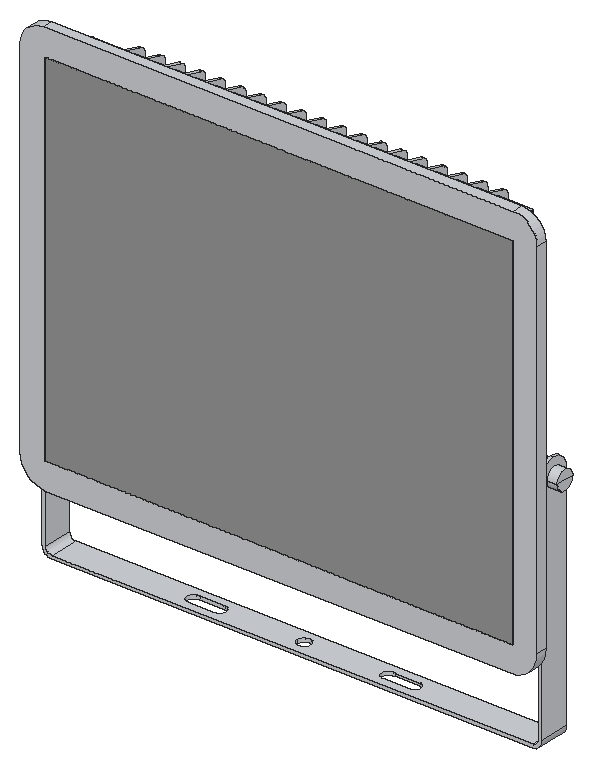
Revit family "0047111", category Lighting Fixtures, Revit 2017
Family settings
  Round Connector Dimension = Use Diameter
  Part Type = Normal
  OmniClass Number = 23.80.70.00
  OmniClass Title = Lighting
  Work Plane-Based = No
  Always vertical = Yes
  Cut with Voids When Loaded = No
  Light Source = Yes
  Shared = No
  Room Calculation Point = No
Parameters (values of type "0047111 SYLFLOOD IP65 7000LM 840 BLACK")
  Weight = "7.14 kg"
  Wattage = 63 W
  WarrantyStartDate [instance] = "n/a"
  WarrantyGuarantorParts = "n/a"
  WarrantyDurationUnit = "n/a"
  WarrantyDurationParts = "n/a"
  WarrantyDescription = "n/a"
  built-in parameter 1150110 = 1 (stored number, unit not read)
  Voltage = 0 V
  URL = "http://www.sylvania-lighting.com"
  TypeName = "SylFlood IP65 7000LM 840 Black"
  built-in parameter 1114217 = 1 (stored number, unit not read)
  Tilt Angle = 0.00°
  built-in parameter 1150109 = 1 (stored number, unit not read)
  built-in parameter 1150134 = 12
  built-in parameter 1150113 = 1 (stored number, unit not read)
  SerialNumber [instance] = "n/a"
  PowerFactor = 0.9
  PowerConsumption = "63 W"
  Photometric Web File = "0047111.ies"
  NominalWidth = 0 mm
  NominalLength = 195 mm
  NominalHeight = 33 mm
  Name = "SylFlood IP65 7000LM 840 Black"
  ModelReference = "SylFlood IP65 7000LM 840 Black"
  ModelNumber = "0047111"
  Model = "SylFlood IP65 7000LM 840 Black"
  Material_4_FEILO = none
  Material_3_FEILO = none
  Material_2_FEILO = Default New Material
  Material_1_FEILO = none
  Material = "n/a"
  ManufacturerName = "Feilo Sylvania"
  Manufacturer = "Feilo Sylvania"
  LuminousEfficacy = "111 lm/W"
  Lumens = 6993 lm
  LuminaireType = ""
  built-in parameter 1150115 = 1 (stored number, unit not read)
  built-in parameter 1150105 = -17637045.3 (stored number, unit not read)
  LightOutputRatio = "n/a"
  built-in parameter 1150137 = (empty or 0)
  built-in parameter 1150139 = (empty or 0)
  LampsType = "LED"
  LampNominalLuminous = "7000 lm"
  LampMacAdamStep = "5"
  LampColourTemperature = "4000 K"
  LampColourRenderingIndex = "80"
  built-in parameter 1150112 = 1 (stored number, unit not read)
  built-in parameter 1150114 = 1 (stored number, unit not read)
  Lamp = "LED"
  LUM_WIDTH_SYL = 121.5 mm  # constant formula
  LUM_HEIGHT_SYL = 97.5 mm  # constant formula
  LUM_EXTR_ST_SYL = -5 mm
  LUM_EXTR_END_SYL = 0 mm
  LUM_DEPTH_SYL = 33 mm
  Keynote = "16500"
  InstallationDate [instance] = "n/a"
  InputVoltage = "n/a"
  InputNominalFrequency = "n/a"
  built-in parameter 1150132 = 2
  built-in parameter 1150102 = (empty or 0)
  built-in parameter 1150138 = (empty or 0)
  built-in parameter 1150107 = 4000 (stored number, unit not read)
  IngressProtection = "IP65"
  ImpactProtectionIndex = "IK07"
  built-in parameter 1150106 = -176370.5 (stored number, unit not read)
  IfcExportType = "IfcLightFixtureType"
  IfcExportAs = "IfcLightFixtureType"
  ElectricShockClassification = "Class I"
  built-in parameter 1150104 = 10.312 (stored number, unit not read)
  DocumentationLiterature = "http://www.sylvania-lighting.com/product/en-int/products/0047111"
  DimmingControlOptions = "n/a"
  Dimming Lamp Color Temperature Shift = <None>
  DIF_WIDTH_SYL = 110 mm  # constant formula
  DIF_HEIGHT_SYL = 85 mm  # constant formula
  CreatedOn = "44168"
  CreatedBy = "@sylvania-lighting.com"
  Color Filter = 16777215
  ClassificationValue = "EF_70_80"
  ClassificationName = "Uniclass2015"
  CABLE_SIDE_DIST_SYL = 47 mm
  CABLE_LENGTH_SYL = 5 mm
  CABLE_FRONT_DIST_SYL = 17.5 mm
  CABLES_DIST_SYL = 160 mm
  BarCode [instance] = "n/a"
  built-in parameter 1114218 = 1 (stored number, unit not read)
  B_RAIL_R_DIST_SYL = 7 mm
  B_RAIL_HEIGHT_SYL = 27 mm
  B_RAIL_DEPTH_SYL = 44 mm
  B_RAIL_CHAMFER_SYL = 7 mm
  BRACKET_HOLDER_WIDTH_SYL = 12 mm
  BRACKET_HOLDER_HEIGHT_SYL = 17 mm
  BRACKET_HOLDER_DIST_SIDE_SYL = 2.8 mm
  BRACKET_HOLDER_DIST_BOTT_SYL = 73.5 mm
  BRACKET_HOLDER_DEPTH_SYL = 5.7 mm
  BOX_WIDTH_SYL = 104 mm
  BOX_TOP_DIST_SYL = 10.5 mm
  BOX_DEPTH_SYL = 14 mm
  BOX_BOTT_DIST_SYL = 28 mm
  BACK_RAIL_WIDTH_SYL = 1.4 mm
  BACK_RAIL_SIDE_DIST_SYL = 19 mm
  BACK_PL_EXTR_ST_SYL = -6 mm
  BACK_PL_EXTR_ST(-1)_SYL = BACK_PL_EXTR_ST_SYL * (-1)  # 6 mm
  BACK_PL_EXTR_END_SYL = -3 mm
  BACK_PL_EXTR_END(-1)_SYL = BACK_PL_EXTR_END_SYL * (-1)  # 3 mm
  built-in parameter 1150133 = 10 (stored number, unit not read)
  AssetType = "Fixed"
  AssetIdentifier [instance] = "n/a"
  Assembly Code = "D5020200"
  Apparent Load = 63 VA
  0_18W_SYL = yes
Types (4, lengths in mm): name | Wattage | TypeName | built-in parameter 1150134 | PowerConsumption | Photometric Web File | Name | ModelReference | ModelNumber | Model | LuminousEfficacy | Lumens | built-in parameter 1150105 | LampNominalLuminous | LampColourTemperature | built-in parameter 1150107 | built-in parameter 1150106 | built-in parameter 1150104 | DocumentationLiterature | Apparent Load
  0047113 SYLFLOOD IP65 10000LM 840 BLACK | 73 W | "SylFlood IP65 10000LM 840 Black" | 12 | "73 W" | "0047113.ies" | "SylFlood IP65 10000LM 840 Black" | "SylFlood IP65 10000LM 840 Black" | "0047113" | "SylFlood IP65 10000LM 840 Black" | "137 lm/W" | 10001 lm | -35673567 (stored number, unit not read) | "10000 lm" | "4000 K" | 4000 (stored number, unit not read) | -356735.7 (stored number, unit not read) | 12.728 (stored number, unit not read) | "http://www.sylvania-lighting.com/product/en-int/products/0047113" | 73 VA
  0047112 SYLFLOOD IP65 9300LM 830 BLACK | 73 W | "SylFlood IP65 9300LM 830 Black" | (empty or 0) | "73 W" | "0047112.ies" | "SylFlood IP65 9300LM 830 Black" | "SylFlood IP65 9300LM 830 Black" | "0047112" | "SylFlood IP65 9300LM 830 Black" | "127 lm/W" | 9271 lm | -30754781 (stored number, unit not read) | "9300 lm" | "3000 K" | 3000 (stored number, unit not read) | -307547.8 (stored number, unit not read) | 11.799 (stored number, unit not read) | "http://www.sylvania-lighting.com/product/en-int/products/0047112" | 73 VA
  0047111 SYLFLOOD IP65 7000LM 840 BLACK | 63 W | "SylFlood IP65 7000LM 840 Black" | 12 | "63 W" | "0047111.ies" | "SylFlood IP65 7000LM 840 Black" | "SylFlood IP65 7000LM 840 Black" | "0047111" | "SylFlood IP65 7000LM 840 Black" | "111 lm/W" | 6993 lm | -17637045.3 (stored number, unit not read) | "7000 lm" | "4000 K" | 4000 (stored number, unit not read) | -176370.5 (stored number, unit not read) | 10.312 (stored number, unit not read) | "http://www.sylvania-lighting.com/product/en-int/products/0047111" | 63 VA
  0047110 SYLFLOOD IP65 6500LM 830 BLACK | 63 W | "SylFlood IP65 6500LM 830 Black" | (empty or 0) | "63 W" | "0047110.ies" | "SylFlood IP65 6500LM 830 Black" | "SylFlood IP65 6500LM 830 Black" | "0047110" | "SylFlood IP65 6500LM 830 Black" | "103 lm/W" | 6489 lm | -15196913.6 (stored number, unit not read) | "6500 lm" | "3000 K" | 3000 (stored number, unit not read) | -151969.1 (stored number, unit not read) | 9.569 (stored number, unit not read) | "http://www.sylvania-lighting.com/product/en-int/products/0047110" | 63 VA
Reference planes
  plane 1 "Light Source Axis (F/B)": y = 0
  plane 2: z = 0
  plane 3 "Light Source Axis (L/R)": x = 0
  plane 4 "Light Source Elevation": z = -0.469
  plane 5: x = 121.5
  plane 6: x = -121.5
  plane 7: z = 97.5
  plane 8: z = -97.5
  plane 9: x = 110
  plane 10: x = -110
  plane 11: z = 85
  plane 12: z = -85
  plane 13: y = 6
  plane 14: y = 3
  plane 15: x = -104
  plane 16: x = 104
  plane 17: y = 20
  plane 18: z = 87
  plane 19: z = -69.5
  plane 20: y = 33
  plane 21: z = -24
  plane 22: z = -12
  plane 23: y = 21
  plane 24: x = 54.2
  plane 25: x = 39.5
  plane 26: x = 74.5
  plane 27: y = 14
  plane 28: z = -38
  plane 29: y = 27
  plane 30: z = -25.5
  plane 31: z = -32.5
  plane 32: x = 102.5
  plane 33: x = 101.1
  plane 34: x = 94.1
  plane 35: x = 20.8
  plane 36: x = 13.8
  plane 37: x = 12.4
  plane 38: x = 5.4
  plane 39: x = 4
  plane 40: z = -50.4
  plane 41: z = -76.1
  plane 42: x = 116
  plane 43: x = 110.3
  plane 44: x = -86
  plane 45: x = -84.6
Forms (mm)
  Extrusion 1, solid
    sketch origin (0, 0, 0) x (1, 0, 0) y (0, 0, 1)
      loop
        arc (-110.5, 97.5) -> (-118.278, 94.278) -> (-121.5, 86.5) r 11
        line (-121.5, 86.5) -> (-121.5, -85)
        arc (-121.5, -85) -> (-117.839, -93.839) -> (-109, -97.5) r 12.5
        line (-109, -97.5) -> (109, -97.5)
        arc (109, -97.5) -> (117.839, -93.839) -> (121.5, -85) r 12.5
        line (121.5, -85) -> (121.5, 86.5)
        arc (121.5, 86.5) -> (118.278, 94.278) -> (110.5, 97.5) r 11
        line (110.5, 97.5) -> (-110.5, 97.5)
      loop
        line (-110, 85) -> (-110, -85) -> (110, -85) -> (110, 85) -> (-110, 85)
    from -5 <- "LUM_EXTR_ST_SYL" to 0 <- "LUM_EXTR_END_SYL"
  Extrusion 2, solid, material "Default New Material" <- "Material_2_FEILO"
    sketch origin (0, 0, 0) x (1, 0, 0) y (0, 0, 1)
      loop
        line (-110, 85) -> (-110, -85) -> (110, -85) -> (110, 85) -> (-110, 85)
    from -3 <- "BACK_PL_EXTR_END_SYL" to 0 <- "LUM_EXTR_END_SYL"
  Extrusion 3, solid
    sketch origin (0, 0, 0) x (1, 0, 0) y (0, 0, 1)
      loop
        line (110, 85) -> (-110, 85) -> (-110, -85) -> (110, -85) -> (110, 85)
    from -6 <- "BACK_PL_EXTR_ST_SYL" to -3 <- "BACK_PL_EXTR_END_SYL"
  Extrusion 4, solid
    sketch origin (0, 0, 0) x (1, 0, 0) y (0, 1, 0)
      loop
        arc (-103, 20) -> (-103.707, 19.707) -> (-104, 19) r 1
        line (-104, 19) -> (-104, 6) -> (104, 6) -> (104, 19)
        arc (104, 19) -> (103.707, 19.707) -> (103, 20) r 1
        line (103, 20) -> (-103, 20)
    from -69.5 to 87
  Extrusion 5, solid
    sketch origin (0, 0, 0) x (1, 0, 0) y (0, 1, 0)
      loop
        arc (-91, 33) -> (-100.192, 29.192) -> (-104, 20) r 13
        line (-104, 20) -> (-104, 6) -> (104, 6) -> (104, 20)
        arc (104, 20) -> (100.192, 29.192) -> (91, 33) r 13
        line (91, 33) -> (-91, 33)
    from -85 to -43
  Extrusion 6, solid
    sketch origin (0, 0, 0) x (0, 1, 0) y (0, 0, 1)
      loop
        line (5, -12) -> (5, -24) -> (15, -24)
        arc (15, -24) -> (19.243, -22.243) -> (21, -18) r 6
        arc (21, -18) -> (19.243, -13.757) -> (15, -12) r 6
        line (15, -12) -> (5, -12)
      loop
        circle (15, -18) r 2.5
    from 110.3 to 116
  Extrusion 7, solid
    sketch origin (0, 0, 0) x (1, 0, 0) y (0, 1, 0)
      loop
        circle (-85.5, 14) r 7
      loop
        circle (74.5, 14) r 9
    from -78.208 to -92.979
  Extrusion 8, solid
    sketch origin (-75.017, 5.639, -10.469) x (0, 1, 0) y (0, 0, -1)
      loop
        line (-0.625, 59.469) -> (-0.625, -15.688) -> (-0.625, -103.168) -> (19.238, -97.469)
        arc (19.238, -97.469) -> (20.908, -96.206) -> (21.299, -94.149) r 2.911
        line (21.299, -94.149) -> (21.299, 59.469) -> (-0.625, 59.469)
    from 9.583 to 10.983
  Extrusion 9, solid
    sketch origin (0, 0, 0) x (0, 1, 0) y (0, 0, -1)
      loop
        line (5, 12) -> (15, 12)
        arc (15, 12) -> (19.243, 13.757) -> (21, 18) r 6
        arc (21, 18) -> (19.243, 22.243) -> (15, 24) r 6
        line (15, 24) -> (5, 24) -> (5, 12)
      loop
        circle (15, 18) r 2.5
    from 110.3 to 116
  Extrusion 10, solid
    sketch origin (75.017, 5.639, -10.469) x (0, 1, 0) y (0, 0, 1)
      loop
        line (-0.625, -59.469) -> (21.299, -59.469) -> (21.299, 94.149)
        arc (21.299, 94.149) -> (20.908, 96.206) -> (19.238, 97.469) r 2.911
        line (19.238, 97.469) -> (-0.625, 103.168) -> (-0.625, 15.688) -> (-0.625, -59.469)
    from 9.583 to 10.983
  Extrusion 11, solid
    sketch origin (95.583, 5.639, -10.469) x (0, 1, 0) y (0, 0, -1)
      loop
        line (-0.625, 59.469) -> (-0.625, -15.688) -> (-0.625, -103.168) -> (19.238, -97.469)
        arc (19.238, -97.469) -> (20.908, -96.206) -> (21.299, -94.149) r 2.911
        line (21.299, -94.149) -> (21.299, 59.469) -> (-0.625, 59.469)
    from 9.583 to 10.983
  Extrusion 12, solid
    sketch origin (-65.539, 5.639, -10.469) x (0, 1, 0) y (0, 0, -1)
      loop
        line (-0.625, 59.469) -> (-0.625, -15.688) -> (-0.625, -103.168) -> (19.238, -97.469)
        arc (19.238, -97.469) -> (20.908, -96.206) -> (21.299, -94.149) r 2.911
        line (21.299, -94.149) -> (21.299, 59.469) -> (-0.625, 59.469)
    from 9.583 to 10.983
  Extrusion 13, solid
    sketch origin (-56.061, 5.639, -10.469) x (0, 1, 0) y (0, 0, -1)
      loop
        line (-0.625, 59.469) -> (-0.625, -15.688) -> (-0.625, -103.168) -> (19.238, -97.469)
        arc (19.238, -97.469) -> (20.908, -96.206) -> (21.299, -94.149) r 2.911
        line (21.299, -94.149) -> (21.299, 59.469) -> (-0.625, 59.469)
    from 9.583 to 10.983
  Extrusion 14, solid
    sketch origin (-46.583, 5.639, -10.469) x (0, 1, 0) y (0, 0, -1)
      loop
        line (-0.625, 59.469) -> (-0.625, -15.688) -> (-0.625, -103.168) -> (19.238, -97.469)
        arc (19.238, -97.469) -> (20.908, -96.206) -> (21.299, -94.149) r 2.911
        line (21.299, -94.149) -> (21.299, 59.469) -> (-0.625, 59.469)
    from 9.583 to 10.983
  Extrusion 15, solid
    sketch origin (-37.106, 5.639, -10.469) x (0, 1, 0) y (0, 0, -1)
      loop
        line (-0.625, 59.469) -> (-0.625, -15.688) -> (-0.625, -103.168) -> (19.238, -97.469)
        arc (19.238, -97.469) -> (20.908, -96.206) -> (21.299, -94.149) r 2.911
        line (21.299, -94.149) -> (21.299, 59.469) -> (-0.625, 59.469)
    from 9.583 to 10.983
  Extrusion 16, solid
    sketch origin (-27.628, 5.639, -10.469) x (0, 1, 0) y (0, 0, -1)
      loop
        line (-0.625, 59.469) -> (-0.625, -15.688) -> (-0.625, -103.168) -> (19.238, -97.469)
        arc (19.238, -97.469) -> (20.908, -96.206) -> (21.299, -94.149) r 2.911
        line (21.299, -94.149) -> (21.299, 59.469) -> (-0.625, 59.469)
    from 9.583 to 10.983
  Extrusion 17, solid
    sketch origin (-18.15, 5.639, -10.469) x (0, 1, 0) y (0, 0, -1)
      loop
        line (-0.625, 59.469) -> (-0.625, -15.688) -> (-0.625, -103.168) -> (19.238, -97.469)
        arc (19.238, -97.469) -> (20.908, -96.206) -> (21.299, -94.149) r 2.911
        line (21.299, -94.149) -> (21.299, 59.469) -> (-0.625, 59.469)
    from 9.583 to 10.983
  Extrusion 18, solid
    sketch origin (-8.672, 5.639, -10.469) x (0, 1, 0) y (0, 0, -1)
      loop
        line (-0.625, 59.469) -> (-0.625, -15.688) -> (-0.625, -103.168) -> (19.238, -97.469)
        arc (19.238, -97.469) -> (20.908, -96.206) -> (21.299, -94.149) r 2.911
        line (21.299, -94.149) -> (21.299, 59.469) -> (-0.625, 59.469)
    from 9.583 to 10.983
  Extrusion 19, solid
    sketch origin (0.806, 5.639, -10.469) x (0, 1, 0) y (0, 0, -1)
      loop
        line (-0.625, 59.469) -> (-0.625, -15.688) -> (-0.625, -103.168) -> (19.238, -97.469)
        arc (19.238, -97.469) -> (20.908, -96.206) -> (21.299, -94.149) r 2.911
        line (21.299, -94.149) -> (21.299, 59.469) -> (-0.625, 59.469)
    from 9.583 to 10.983
  Extrusion 20, solid
    sketch origin (10.283, 5.639, -10.469) x (0, 1, 0) y (0, 0, -1)
      loop
        line (-0.625, 59.469) -> (-0.625, -15.688) -> (-0.625, -103.168) -> (19.238, -97.469)
        arc (19.238, -97.469) -> (20.908, -96.206) -> (21.299, -94.149) r 2.911
        line (21.299, -94.149) -> (21.299, 59.469) -> (-0.625, 59.469)
    from 9.583 to 10.983
  Extrusion 21, solid
    sketch origin (19.761, 5.639, -10.469) x (0, 1, 0) y (0, 0, -1)
      loop
        line (-0.625, 59.469) -> (-0.625, -15.688) -> (-0.625, -103.168) -> (19.238, -97.469)
        arc (19.238, -97.469) -> (20.908, -96.206) -> (21.299, -94.149) r 2.911
        line (21.299, -94.149) -> (21.299, 59.469) -> (-0.625, 59.469)
    from 9.583 to 10.983
  Extrusion 22, solid
    sketch origin (29.239, 5.639, -10.469) x (0, 1, 0) y (0, 0, -1)
      loop
        line (-0.625, 59.469) -> (-0.625, -15.688) -> (-0.625, -103.168) -> (19.238, -97.469)
        arc (19.238, -97.469) -> (20.908, -96.206) -> (21.299, -94.149) r 2.911
        line (21.299, -94.149) -> (21.299, 59.469) -> (-0.625, 59.469)
    from 9.583 to 10.983
  Extrusion 23, solid
    sketch origin (38.717, 5.639, -10.469) x (0, 1, 0) y (0, 0, -1)
      loop
        line (-0.625, 59.469) -> (-0.625, -15.688) -> (-0.625, -103.168) -> (19.238, -97.469)
        arc (19.238, -97.469) -> (20.908, -96.206) -> (21.299, -94.149) r 2.911
        line (21.299, -94.149) -> (21.299, 59.469) -> (-0.625, 59.469)
    from 9.583 to 10.983
  Extrusion 24, solid
    sketch origin (48.194, 5.639, -10.469) x (0, 1, 0) y (0, 0, -1)
      loop
        line (-0.625, 59.469) -> (-0.625, -15.688) -> (-0.625, -103.168) -> (19.238, -97.469)
        arc (19.238, -97.469) -> (20.908, -96.206) -> (21.299, -94.149) r 2.911
        line (21.299, -94.149) -> (21.299, 59.469) -> (-0.625, 59.469)
    from 9.583 to 10.983
  Extrusion 25, solid
    sketch origin (57.672, 5.639, -10.469) x (0, 1, 0) y (0, 0, -1)
      loop
        line (-0.625, 59.469) -> (-0.625, -15.688) -> (-0.625, -103.168) -> (19.238, -97.469)
        arc (19.238, -97.469) -> (20.908, -96.206) -> (21.299, -94.149) r 2.911
        line (21.299, -94.149) -> (21.299, 59.469) -> (-0.625, 59.469)
    from 9.583 to 10.983
  Extrusion 26, solid
    sketch origin (67.15, 5.639, -10.469) x (0, 1, 0) y (0, 0, -1)
      loop
        line (-0.625, 59.469) -> (-0.625, -15.688) -> (-0.625, -103.168) -> (19.238, -97.469)
        arc (19.238, -97.469) -> (20.908, -96.206) -> (21.299, -94.149) r 2.911
        line (21.299, -94.149) -> (21.299, 59.469) -> (-0.625, 59.469)
    from 9.583 to 10.983
  Extrusion 27, solid
    sketch origin (76.628, 5.639, -10.469) x (0, 1, 0) y (0, 0, -1)
      loop
        line (-0.625, 59.469) -> (-0.625, -15.688) -> (-0.625, -103.168) -> (19.238, -97.469)
        arc (19.238, -97.469) -> (20.908, -96.206) -> (21.299, -94.149) r 2.911
        line (21.299, -94.149) -> (21.299, 59.469) -> (-0.625, 59.469)
    from 9.583 to 10.983
  Extrusion 28, solid
    sketch origin (86.106, 5.639, -10.469) x (0, 1, 0) y (0, 0, -1)
      loop
        line (-0.625, 59.469) -> (-0.625, -15.688) -> (-0.625, -103.168) -> (19.238, -97.469)
        arc (19.238, -97.469) -> (20.908, -96.206) -> (21.299, -94.149) r 2.911
        line (21.299, -94.149) -> (21.299, 59.469) -> (-0.625, 59.469)
    from 9.583 to 10.983
Cuts and joins
  joined: Extrusion 1, Extrusion 3, Extrusion 4, Extrusion 5
Dimensions and locks
  "LUM_WIDTH_SYL": plane 5 to plane 3 "Light Source Axis (L/R)" to plane 6
  "LUM_HEIGHT_SYL": plane 7 to plane 2 to plane 8
  "DIF_WIDTH_SYL": plane 9 to plane 3 "Light Source Axis (L/R)" to plane 10
  "DIF_HEIGHT_SYL": plane 11 to plane 2 to plane 12
  "BACK_PL_EXTR_ST(-1)_SYL": plane 1 "Light Source Axis (F/B)" to plane 13
  "BACK_PL_EXTR_END(-1)_SYL": plane 1 "Light Source Axis (F/B)" to plane 14
  "BOX_WIDTH_SYL": plane 15 to plane 3 "Light Source Axis (L/R)" to plane 16
  "BOX_DEPTH_SYL": plane 13 to plane 17
  "BOX_TOP_DIST_SYL": plane 18 to plane 7
  "BOX_BOTT_DIST_SYL": plane 8 to plane 19
  "LUM_DEPTH_SYL": plane 1 "Light Source Axis (F/B)" to plane 20
  "BRACKET_HOLDER_DIST_BOTT_SYL": plane 21 to plane 8
  "BRACKET_HOLDER_WIDTH_SYL": plane 22 to plane 21
  cut or joined group of Extrusion 1, Extrusion 3, Extrusion 4, Extrusion 5 to plane 23 = 15 mm
  cut or joined group of Extrusion 1, Extrusion 3, Extrusion 4, Extrusion 5 to plane 24 = 67.3 mm
  plane 25 to plane 24 = 14.7 mm
  "CABLE_SIDE_DIST_SYL": plane 26 to plane 5
  cut or joined group of Extrusion 1, Extrusion 3, Extrusion 4, Extrusion 5 to plane 27 = 14 mm
  "B_RAIL_HEIGHT_SYL": plane 29 to plane 1 "Light Source Axis (F/B)"
  "B_RAIL_DEPTH_SYL": plane 30 to plane 19
  "B_RAIL_CHAMFER_SYL": plane 30 to plane 31
  "BACK_RAIL_SIDE_DIST_SYL": plane 5 to plane 32
  "BACK_RAIL_WIDTH_SYL": plane 32 to plane 33
  "B_RAIL_R_DIST_SYL": plane 33 to plane 34
  "B_RAIL_R_DIST_SYL": plane 35 to plane 36
  "BACK_RAIL_WIDTH_SYL": plane 36 to plane 37
  "BACK_RAIL_WIDTH_SYL": plane 38 to plane 39
  "B_RAIL_R_DIST_SYL": plane 37 to plane 38
  plane 34 to plane 26 = 19.6 mm
  equal spacing: group 1, group 3, group 4, group 5, group 6, group 7, group 8, group 9, group 10, group 11, group 12, group 13, group 14, group 15, group 16, group 17, group 18, group 19, group 2  (x3)
  aligned and locked: plane 4 "Light Source Elevation" to imposter light
  aligned and locked: level to plane 2
  aligned and locked: Extrusion 1 sketch curve to plane 7
  aligned and locked: plane 6 to Extrusion 1 sketch curve
  aligned and locked: plane 8 to Extrusion 1 sketch curve
  aligned and locked: Extrusion 1 sketch curve to plane 5
  aligned and locked: Extrusion 1 sketch curve to plane 11
  aligned and locked: plane 10 to Extrusion 1 sketch curve
  aligned and locked: plane 12 to Extrusion 1 sketch curve
  aligned and locked: Extrusion 1 sketch curve to plane 9
  aligned and locked: Extrusion 2 sketch curve to Extrusion 1  (x4)
  aligned and locked: Extrusion 3 sketch curve to Extrusion 1  (x4)
  aligned and locked: Extrusion 3 to Extrusion 2
  aligned and locked: plane 17 to Extrusion 4 sketch curve
  aligned and locked: plane 15 to Extrusion 4 sketch curve
  aligned and locked: Extrusion 4 sketch curve to plane 13
  aligned and locked: Extrusion 4 sketch curve to plane 16
  aligned and locked: plane 18 to Extrusion 4
  aligned and locked: Extrusion 4 to plane 19
  aligned and locked: plane 20 to Extrusion 5 sketch curve
  aligned and locked: plane 15 to Extrusion 5 sketch curve
  aligned and locked: cut or joined group of Extrusion 1, Extrusion 3, Extrusion 4, Extrusion 5 to Extrusion 5 sketch curve
  aligned and locked: Extrusion 5 sketch curve to cut or joined group of Extrusion 1, Extrusion 3, Extrusion 4, Extrusion 5
  aligned and locked: Extrusion 5 to plane 12
  aligned and locked: Extrusion 6 sketch curve to plane 22
  aligned and locked: plane 21 to Extrusion 6 sketch curve
  aligned and locked: Extrusion 6 to cut or joined group of Extrusion 1, Extrusion 3, Extrusion 4, Extrusion 5
  aligned and locked: Extrusion 6 to plane 42
  aligned and locked: plane 43 to Extrusion 6
  aligned and locked: Extrusion 8 to plane 44
  aligned and locked: Extrusion 8 to plane 45
Automatic sketch dimensions
  Extrusion 1 sketch curve to plane 12 = 0 mm  (x2)
  Extrusion 1 sketch curve to plane 10 = 0.5 mm
  Extrusion 1 sketch curve to plane 43 = 0.2 mm
  plane 15 to Extrusion 4 sketch curve = 1 mm
  plane 32 to Extrusion 4 sketch curve = 0.5 mm
  Extrusion 5 sketch curve to plane 15 = 0 mm
  plane 17 to Extrusion 5 sketch curve = 0 mm  (x2)
  Extrusion 6 sketch curve to Extrusion 6 sketch curve = 0 mm  (x5)
  Extrusion 6 sketch curve to plane 23 = 0 mm
  plane 13 to Extrusion 6 sketch curve = 1 mm
  Extrusion 7 sketch curve to plane 27 = 0 mm
  Extrusion 7 sketch curve to plane 26 = 0 mm
  plane 27 to Extrusion 7 sketch curve = 0 mm
  plane 44 to Extrusion 7 sketch curve = 0.5 mm
  Extrusion 8 sketch curve to Extrusion 8 sketch curve = 0.803 mm
  Extrusion 9 sketch curve to Extrusion 9 sketch curve = 0 mm  (x6)
  Extrusion 9 sketch curve to plane 21 = 0 mm
  Extrusion 9 sketch curve to plane 22 = 0 mm
  Extrusion 9 sketch curve to plane 23 = 0 mm
  plane 13 to Extrusion 9 sketch curve = 1 mm
  Extrusion 10 sketch curve to plane 18 = 0 mm
  Extrusion 10 sketch curve to plane 19 = 0.438 mm
  plane 13 to Extrusion 10 sketch curve = 0.986 mm
  Extrusion 10 sketch curve to plane 11 = 0.798 mm
  plane 29 to Extrusion 10 sketch curve = 2.927 mm
  Extrusion 10 sketch curve to Extrusion 10 sketch curve = 0.803 mm
  plane 29 to Extrusion 10 sketch curve = 0.062 mm
  level to Extrusion 10 sketch curve = 5.219 mm
  Extrusion 8 sketch curve to Extrusion 8 sketch curve = 19.06 mm
  Extrusion 8 sketch curve to Extrusion 8 sketch curve = 21.924 mm
  Extrusion 8 sketch curve to Extrusion 8 sketch curve = 5.699 mm
  Extrusion 8 sketch curve to Extrusion 8 sketch curve = 78.983 mm
  Extrusion 8 sketch curve to Extrusion 8 sketch curve = 75.156 mm
  Extrusion 11 sketch curve to Extrusion 11 sketch curve = 0.803 mm
  Extrusion 11 sketch curve to Extrusion 11 sketch curve = 19.06 mm
  Extrusion 11 sketch curve to Extrusion 11 sketch curve = 21.924 mm
  Extrusion 11 sketch curve to Extrusion 11 sketch curve = 5.699 mm
  Extrusion 11 sketch curve to Extrusion 11 sketch curve = 78.983 mm
  Extrusion 11 sketch curve to Extrusion 11 sketch curve = 75.156 mm
  Extrusion 12 sketch curve to Extrusion 12 sketch curve = 0.803 mm
  Extrusion 12 sketch curve to Extrusion 12 sketch curve = 19.06 mm
  Extrusion 12 sketch curve to Extrusion 12 sketch curve = 21.924 mm
  Extrusion 12 sketch curve to Extrusion 12 sketch curve = 5.699 mm
  Extrusion 12 sketch curve to Extrusion 12 sketch curve = 78.983 mm
  Extrusion 12 sketch curve to Extrusion 12 sketch curve = 75.156 mm
  Extrusion 13 sketch curve to Extrusion 13 sketch curve = 0.803 mm
  Extrusion 13 sketch curve to Extrusion 13 sketch curve = 19.06 mm
  Extrusion 13 sketch curve to Extrusion 13 sketch curve = 21.924 mm
  Extrusion 13 sketch curve to Extrusion 13 sketch curve = 5.699 mm
  Extrusion 13 sketch curve to Extrusion 13 sketch curve = 78.983 mm
  Extrusion 13 sketch curve to Extrusion 13 sketch curve = 75.156 mm
  Extrusion 14 sketch curve to Extrusion 14 sketch curve = 0.803 mm
  Extrusion 14 sketch curve to Extrusion 14 sketch curve = 19.06 mm
  Extrusion 14 sketch curve to Extrusion 14 sketch curve = 21.924 mm
  Extrusion 14 sketch curve to Extrusion 14 sketch curve = 5.699 mm
  Extrusion 14 sketch curve to Extrusion 14 sketch curve = 78.983 mm
  Extrusion 14 sketch curve to Extrusion 14 sketch curve = 75.156 mm
  Extrusion 15 sketch curve to Extrusion 15 sketch curve = 0.803 mm
  Extrusion 15 sketch curve to Extrusion 15 sketch curve = 19.06 mm
  Extrusion 15 sketch curve to Extrusion 15 sketch curve = 21.924 mm
  Extrusion 15 sketch curve to Extrusion 15 sketch curve = 5.699 mm
  Extrusion 15 sketch curve to Extrusion 15 sketch curve = 78.983 mm
  Extrusion 15 sketch curve to Extrusion 15 sketch curve = 75.156 mm
  Extrusion 16 sketch curve to Extrusion 16 sketch curve = 0.803 mm
  Extrusion 16 sketch curve to Extrusion 16 sketch curve = 19.06 mm
  Extrusion 16 sketch curve to Extrusion 16 sketch curve = 21.924 mm
  Extrusion 16 sketch curve to Extrusion 16 sketch curve = 5.699 mm
  Extrusion 16 sketch curve to Extrusion 16 sketch curve = 78.983 mm
  Extrusion 16 sketch curve to Extrusion 16 sketch curve = 75.156 mm
  Extrusion 17 sketch curve to Extrusion 17 sketch curve = 0.803 mm
  Extrusion 17 sketch curve to Extrusion 17 sketch curve = 19.06 mm
  Extrusion 17 sketch curve to Extrusion 17 sketch curve = 21.924 mm
  Extrusion 17 sketch curve to Extrusion 17 sketch curve = 5.699 mm
  Extrusion 17 sketch curve to Extrusion 17 sketch curve = 78.983 mm
  Extrusion 17 sketch curve to Extrusion 17 sketch curve = 75.156 mm
  Extrusion 18 sketch curve to Extrusion 18 sketch curve = 0.803 mm
  Extrusion 18 sketch curve to Extrusion 18 sketch curve = 19.06 mm
  Extrusion 18 sketch curve to Extrusion 18 sketch curve = 21.924 mm
  Extrusion 18 sketch curve to Extrusion 18 sketch curve = 5.699 mm
  Extrusion 18 sketch curve to Extrusion 18 sketch curve = 78.983 mm
  Extrusion 18 sketch curve to Extrusion 18 sketch curve = 75.156 mm
  Extrusion 19 sketch curve to Extrusion 19 sketch curve = 0.803 mm
  Extrusion 19 sketch curve to Extrusion 19 sketch curve = 19.06 mm
  Extrusion 19 sketch curve to Extrusion 19 sketch curve = 21.924 mm
  Extrusion 19 sketch curve to Extrusion 19 sketch curve = 5.699 mm
  Extrusion 19 sketch curve to Extrusion 19 sketch curve = 78.983 mm
  Extrusion 19 sketch curve to Extrusion 19 sketch curve = 75.156 mm
  Extrusion 20 sketch curve to Extrusion 20 sketch curve = 0.803 mm
  Extrusion 20 sketch curve to Extrusion 20 sketch curve = 19.06 mm
  Extrusion 20 sketch curve to Extrusion 20 sketch curve = 21.924 mm
  Extrusion 20 sketch curve to Extrusion 20 sketch curve = 5.699 mm
  Extrusion 20 sketch curve to Extrusion 20 sketch curve = 78.983 mm
  Extrusion 20 sketch curve to Extrusion 20 sketch curve = 75.156 mm
  Extrusion 21 sketch curve to Extrusion 21 sketch curve = 0.803 mm
  Extrusion 21 sketch curve to Extrusion 21 sketch curve = 19.06 mm
  Extrusion 21 sketch curve to Extrusion 21 sketch curve = 21.924 mm
  Extrusion 21 sketch curve to Extrusion 21 sketch curve = 5.699 mm
  Extrusion 21 sketch curve to Extrusion 21 sketch curve = 78.983 mm
  Extrusion 21 sketch curve to Extrusion 21 sketch curve = 75.156 mm
  Extrusion 22 sketch curve to Extrusion 22 sketch curve = 0.803 mm
  Extrusion 22 sketch curve to Extrusion 22 sketch curve = 19.06 mm
  Extrusion 22 sketch curve to Extrusion 22 sketch curve = 21.924 mm
  Extrusion 22 sketch curve to Extrusion 22 sketch curve = 5.699 mm
  Extrusion 22 sketch curve to Extrusion 22 sketch curve = 78.983 mm
  Extrusion 22 sketch curve to Extrusion 22 sketch curve = 75.156 mm
  Extrusion 23 sketch curve to Extrusion 23 sketch curve = 0.803 mm
  Extrusion 23 sketch curve to Extrusion 23 sketch curve = 19.06 mm
  Extrusion 23 sketch curve to Extrusion 23 sketch curve = 21.924 mm
  Extrusion 23 sketch curve to Extrusion 23 sketch curve = 5.699 mm
  Extrusion 23 sketch curve to Extrusion 23 sketch curve = 78.983 mm
  Extrusion 23 sketch curve to Extrusion 23 sketch curve = 75.156 mm
  Extrusion 24 sketch curve to Extrusion 24 sketch curve = 0.803 mm
  Extrusion 24 sketch curve to Extrusion 24 sketch curve = 19.06 mm
  Extrusion 24 sketch curve to Extrusion 24 sketch curve = 21.924 mm
  Extrusion 24 sketch curve to Extrusion 24 sketch curve = 5.699 mm
  Extrusion 24 sketch curve to Extrusion 24 sketch curve = 78.983 mm
  Extrusion 24 sketch curve to Extrusion 24 sketch curve = 75.156 mm
  Extrusion 25 sketch curve to Extrusion 25 sketch curve = 0.803 mm
  Extrusion 25 sketch curve to Extrusion 25 sketch curve = 19.06 mm
  Extrusion 25 sketch curve to Extrusion 25 sketch curve = 21.924 mm
  Extrusion 25 sketch curve to Extrusion 25 sketch curve = 5.699 mm
  Extrusion 25 sketch curve to Extrusion 25 sketch curve = 78.983 mm
  Extrusion 25 sketch curve to Extrusion 25 sketch curve = 75.156 mm
  Extrusion 26 sketch curve to Extrusion 26 sketch curve = 0.803 mm
  Extrusion 26 sketch curve to Extrusion 26 sketch curve = 19.06 mm
  Extrusion 26 sketch curve to Extrusion 26 sketch curve = 21.924 mm
  Extrusion 26 sketch curve to Extrusion 26 sketch curve = 5.699 mm
  Extrusion 26 sketch curve to Extrusion 26 sketch curve = 78.983 mm
  Extrusion 26 sketch curve to Extrusion 26 sketch curve = 75.156 mm
  Extrusion 27 sketch curve to Extrusion 27 sketch curve = 0.803 mm
  Extrusion 27 sketch curve to Extrusion 27 sketch curve = 19.06 mm
  Extrusion 27 sketch curve to Extrusion 27 sketch curve = 21.924 mm
  Extrusion 27 sketch curve to Extrusion 27 sketch curve = 5.699 mm
  Extrusion 27 sketch curve to Extrusion 27 sketch curve = 78.983 mm
  Extrusion 27 sketch curve to Extrusion 27 sketch curve = 75.156 mm
  Extrusion 28 sketch curve to Extrusion 28 sketch curve = 0.803 mm
  Extrusion 28 sketch curve to Extrusion 28 sketch curve = 19.06 mm
  Extrusion 28 sketch curve to Extrusion 28 sketch curve = 21.924 mm
  Extrusion 28 sketch curve to Extrusion 28 sketch curve = 5.699 mm
  Extrusion 28 sketch curve to Extrusion 28 sketch curve = 78.983 mm
  Extrusion 28 sketch curve to Extrusion 28 sketch curve = 75.156 mm
  radius of Extrusion 6 sketch curve = 2.5 mm
  radius of Extrusion 7 sketch curve = 7 mm
  radius of Extrusion 7 sketch curve = 9 mm
  radius of Extrusion 9 sketch curve = 2.5 mm
Nested families
  nested 1: "START Flood Flat - 63W-73W_bracket" at (0, 15, -93.438), type "START Flood Flat - 63W-73W_bracket"
  nested 2: "bolt" at (117.5, 15, -18.016), type "bolt"
  nested 3: "bolt" at (-117.5, 15, -18.016) x (-1, 0, 0) z (0, 0, 1), type "bolt"
Definition of nested family "START Flood Flat - 63W-73W_bracket"
  Parameters (values of type "START Flood Flat - 63W-73W_bracket")
    WIDTH_SYL = 235 mm
    THICKNESS_SYL = 1.5 mm
    Material_4_SYL = none
    Material_3_SYL = none
    Material_2_SYL = none
    Material_1_SYL = none
    HOLE_DIST_SYL = 12 mm
    HOLE2_DIST_SYL = 8 mm
    HEIGHT_SYL = 121 mm
    HALF_SYL = WIDTH_SYL / 2  # 117.5 mm
    FILLET_SYL = 7 mm
    DEPTH_2_SYL = -7 mm
    DEPTH_1_SYL = 7 mm
    CUTOUT_DIST_SYL = 39.8 mm
  Reference planes
    plane 1 "Center (Front/Back)": y = 0
    plane 2: z = 0
    plane 3 "Center (Left/Right)": x = 0
    plane 4: x = -117.5
    plane 5: x = 117.5
    plane 6: z = -37.5
    plane 7: z = 83.5
    plane 8: x = -116
    plane 9: z = -36
    plane 10: x = 116
    plane 11: z = 75.5
    plane 12: z = 76.5
    plane 13: x = 39.8
    plane 14: x = -39.8
    plane 15: x = 51.8
    plane 16: x = -51.8
  Forms (mm)
    Extrusion 1, solid
      sketch origin (0, 0, 0) x (1, 0, 0) y (0, 0, 1)
        loop
          arc (-117.5, -33) -> (-116.182, -36.182) -> (-113, -37.5) r 4.5
          line (-113, -37.5) -> (113, -37.5)
          arc (113, -37.5) -> (116.182, -36.182) -> (117.5, -33) r 4.5
          line (117.5, -33) -> (117.5, 83.5) -> (116, 83.5) -> (116, -33)
          arc (116, -33) -> (115.121, -35.121) -> (113, -36) r 3
          line (113, -36) -> (-113, -36)
          arc (-113, -36) -> (-115.121, -35.121) -> (-116, -33) r 3
          line (-116, -33) -> (-116, 83.5) -> (-117.5, 83.5) -> (-117.5, -33)
      from -7 <- "DEPTH_2_SYL" to 7 <- "DEPTH_1_SYL"
    Extrusion 2, void
      sketch origin (0, 0, 0) x (0, 1, 0) y (0, 0, 1)
        loop
          circle (0, 75.5) r 3.15
      from -117.5 to 117.5
    Extrusion 3, void
      sketch origin (0, 0, 0) x (0, 1, 0) y (0, 0, 1)
        loop
          line (7, 76.5) -> (14.83, 89.08) -> (-15.17, 89.08) -> (-7, 76.5)
          arc (-7, 76.5) -> (-4.95, 81.45) -> (0, 83.5) r 7
          arc (0, 83.5) -> (4.95, 81.45) -> (7, 76.5) r 7
      from -117.5 to 117.5
    Extrusion 4, void
      sketch origin (0, 0, 0) x (1, 0, 0) y (0, 1, 0)
        loop
          circle (0, 0) r 3.25
        loop
          arc (-51.8, 3.25) -> (-55.05, 0) -> (-51.8, -3.25) r 3.25
          line (-51.8, -3.25) -> (-39.8, -3.25)
          arc (-39.8, -3.25) -> (-36.55, 0) -> (-39.8, 3.25) r 3.25
          line (-39.8, 3.25) -> (-51.8, 3.25)
        loop
          line (39.8, -3.25) -> (51.8, -3.25)
          arc (51.8, -3.25) -> (55.05, 0) -> (51.8, 3.25) r 3.25
          line (51.8, 3.25) -> (39.8, 3.25)
          arc (39.8, 3.25) -> (36.55, 0) -> (39.8, -3.25) r 3.25
      from -54.767 to -28.006
  Cuts and joins
    Extrusion 2, Extrusion 3, Extrusion 4 cuts Extrusion 1
  Dimensions and locks
    "THICKNESS_SYL": plane 8 to plane 4
    "THICKNESS_SYL": plane 5 to plane 10
    "WIDTH_SYL": plane 5 to plane 4
    "HEIGHT_SYL": plane 7 to plane 6
    "FILLET_SYL": plane 7 to plane 12
    "CUTOUT_DIST_SYL": plane 14 to plane 3 "Center (Left/Right)" to plane 13
    "HOLE_DIST_SYL": plane 16 to plane 14
    "HOLE_DIST_SYL": plane 13 to plane 15
    "HOLE2_DIST_SYL": plane 7 to plane 11
    "HALF_SYL": plane 4 to plane 3 "Center (Left/Right)"
    aligned and locked: level to plane 2
    aligned and locked: plane 4 to Extrusion 1 sketch curve
    aligned and locked: plane 6 to Extrusion 1 sketch curve
    aligned and locked: Extrusion 1 sketch curve to plane 5
    aligned and locked: plane 8 to Extrusion 1 sketch curve
    aligned and locked: plane 9 to Extrusion 1 sketch curve
    aligned and locked: Extrusion 1 sketch curve to plane 10
    aligned and locked: plane 7 to Extrusion 1 sketch curve  (x2)
    aligned and locked: Extrusion 1 to Extrusion 2  (x2)
    aligned and locked: Extrusion 1 to Extrusion 3
    aligned and locked: Extrusion 3 to Extrusion 1
  Automatic sketch dimensions
    Extrusion 1 sketch curve to Extrusion 1 sketch curve = 0 mm
    plane 8 to Extrusion 1 sketch curve = 3 mm
    Extrusion 1 sketch curve to plane 10 = 3 mm
    Extrusion 1 sketch curve to Extrusion 1 sketch curve = 3 mm
    Extrusion 2 sketch curve to plane 1 "Center (Front/Back)" = 0 mm
    Extrusion 2 sketch curve to plane 11 = 0 mm
    Extrusion 3 sketch curve to Extrusion 3 sketch curve = 0 mm
    Extrusion 3 sketch curve to plane 12 = 0 mm
    Extrusion 3 sketch curve to plane 1 "Center (Front/Back)" = 0 mm
    Extrusion 3 sketch curve to plane 7 = 0 mm
    Extrusion 3 sketch curve to Extrusion 3 sketch curve = 8.17 mm
    plane 7 to Extrusion 3 sketch curve = 5.58 mm
    Extrusion 3 sketch curve to Extrusion 3 sketch curve = 7.83 mm
    plane 1 "Center (Front/Back)" to Extrusion 4 sketch curve = 0 mm  (x3)
    Extrusion 4 sketch curve to plane 16 = 0 mm
    Extrusion 4 sketch curve to plane 14 = 0 mm
    Extrusion 4 sketch curve to plane 3 "Center (Left/Right)" = 0 mm
    Extrusion 4 sketch curve to plane 13 = 0 mm
    Extrusion 4 sketch curve to plane 15 = 0 mm
    plane 1 "Center (Front/Back)" to Extrusion 4 sketch curve = 3.25 mm  (x2)
    radius of Extrusion 2 sketch curve = 3.15 mm
    radius of Extrusion 4 sketch curve = 3.25 mm
Definition of nested family "bolt"
  Parameters (values of type "bolt")
    Material_4_SYL = none
    Material_3_SYL = none
    Material_2_SYL = none
    Material_1_SYL = none
  Reference planes
    plane 1 "Center (Front/Back)": y = 0
    plane 2: z = 0
    plane 3 "Center (Left/Right)": x = 0
    plane 4: x = 5
    plane 5: x = -10
    plane 6: y = 2.5
    plane 7: y = -2.5
    plane 8: y = 4.5
    plane 9: y = -4.5
  Forms (mm)
    Revolve 1, solid
      sketch origin (0, 0, 0) x (1, 0, 0) y (0, 1, 0)
        loop
          line (5, 0) -> (-10, 0) -> (-10, -2.5) -> (0, -2.5) -> (0, -4.5) -> (5, -4.5) -> (5, 0)
        axis (5, 0) -> (-10, 0)
      angle from 0 to 360
  Dimensions and locks
    aligned and locked: level to plane 2
